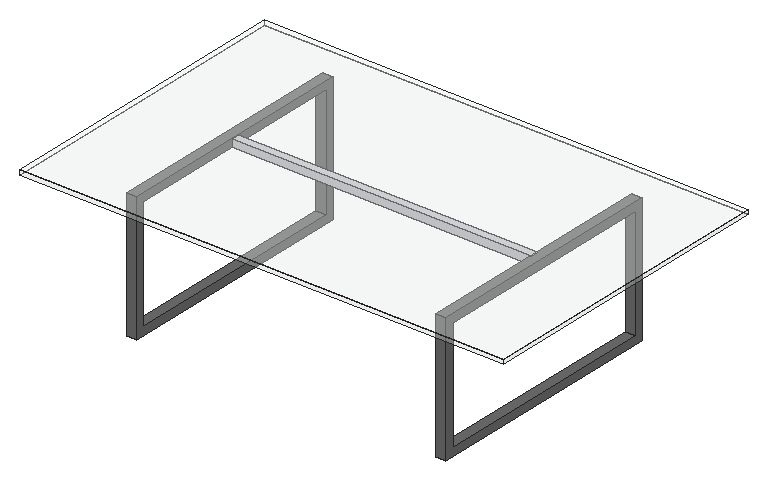
Revit family
Parameters (values of type "1200 x 760mm")
  Keynote = "N"
  Assembly Code = ""
  Material Base = Metal - Chrome
  Height = 330 mm
  Length = 1200 mm
  Material Top = Glass - Clear, Grey
  Width = 760 mm
Reference planes
  plane 1 "Front": y = -11.389
  plane 2: z = 0
  plane 3 "Left": x = 3.734
  plane 4 "Right": x = 1203.734
  plane 5: x = 603.734
  plane 6: y = 368.611
  plane 7: y = 748.611
  plane 8 "Top": z = 330
Forms (mm)
  Extrusion 1, solid, material "Glass - Clear, Grey" <- "Material Top"
    sketch origin (0, 0, 330) x (-1, 0, 0) y (0, -1, 0)
      loop
        line (-3.734, -748.611) -> (-3.734, 11.389) -> (-1203.734, 11.389) -> (-1203.734, -748.611) -> (-3.734, -748.611)
    from 0 to -12.7
  Extrusion 2, solid, material "Metal - Chrome" <- "Material Base"
    sketch origin (3.734, 0, 0) x (0, 1, 0) y (0, 0, 1)
      loop
        line (672.411, 317.3) -> (64.811, 317.3) -> (64.811, 0) -> (672.411, 0) -> (672.411, 317.3)
      loop
        line (653.361, 298.25) -> (83.861, 298.25) -> (83.861, 19.05) -> (653.361, 19.05) -> (653.361, 298.25)
    from 203.2 to 228.6
  Extrusion 3, solid, material "Metal - Chrome" <- "Material Base"
    sketch origin (1203.734, 0, 0) x (0, -1, 0) y (0, 0, 1)
      loop
        line (-672.411, 317.3) -> (-672.411, 0) -> (-64.811, 0) -> (-64.811, 317.3) -> (-672.411, 317.3)
      loop
        line (-653.361, 298.25) -> (-653.361, 19.05) -> (-83.861, 19.05) -> (-83.861, 298.25) -> (-653.361, 298.25)
    from 203.2 to 228.6
  Extrusion 4, solid
    sketch origin (0, 0, 330) x (-1, 0, 0) y (0, -1, 0)
      loop
        line (-232.334, -378.136) -> (-232.334, -359.086) -> (-975.134, -359.086) -> (-975.134, -378.136) -> (-232.334, -378.136)
    from -12.7 to -31.75
Lines and regions (mm)
  Masking region 1
    outline origin (0, 0, 330) x (-1, 0, 0) y (0, -1, 0)
      loop
        line (-3.734, -748.611) -> (-3.734, 11.389) -> (-1203.734, 11.389) -> (-1203.734, -748.611) -> (-3.734, -748.611)
  symbolic lines, style "Furniture"
    curve 1: line (3.734, 748.611, 0) -> (1203.734, 748.611, 0)
    curve 2: line (3.734, 748.611, 0) -> (3.734, -11.389, 0)
    curve 3: line (3.734, -11.389, 0) -> (1203.734, -11.389, 0)
    curve 4: line (1203.734, 748.611, 0) -> (1203.734, -11.389, 0)
Dimensions and locks
  equal spacing: plane 4 "Right", plane 5, plane 3 "Left"
  "Length": plane 4 "Right" to plane 3 "Left"
  "Width": plane 1 "Front" to plane 7
  equal spacing: plane 1 "Front", plane 6, plane 7
  "Height": plane 2 to plane 8 "Top"
  locked: Extrusion 2 sketch curve to Extrusion 2 sketch curve at 19.05
  aligned and locked: level to plane 2
Automatic sketch dimensions
  curve 3 to plane 1 "Front" = 0 mm
  curve 3 to plane 3 "Left" = 0 mm
  curve 3 to plane 4 "Right" = 0 mm
  curve 2 to plane 7 = 0 mm
  Extrusion 1 sketch curve to plane 4 "Right" = 0 mm
  Extrusion 1 sketch curve to plane 1 "Front" = 0 mm
  Extrusion 1 sketch curve to plane 3 "Left" = 0 mm
  Extrusion 1 sketch curve to plane 7 = 0 mm
  Extrusion 2 sketch curve to level = 0 mm
  plane 8 "Top" to Extrusion 2 sketch curve = 12.7 mm
  Extrusion 2 sketch curve to plane 1 "Front" = 76.2 mm
  Extrusion 2 sketch curve to Extrusion 2 sketch curve = 19.05 mm
  plane 8 "Top" to Extrusion 2 sketch curve = 31.75 mm
  plane 7 to Extrusion 2 sketch curve = 76.2 mm
  level to Extrusion 2 sketch curve = 19.05 mm
  Extrusion 3 sketch curve to level = 0 mm
  plane 8 "Top" to Extrusion 3 sketch curve = 12.7 mm
  plane 7 to Extrusion 3 sketch curve = 76.2 mm
  Extrusion 3 sketch curve to Extrusion 3 sketch curve = 19.05 mm  (x2)
  plane 8 "Top" to Extrusion 3 sketch curve = 31.75 mm
  Extrusion 3 sketch curve to plane 1 "Front" = 95.25 mm
  level to Extrusion 3 sketch curve = 19.05 mm
  Extrusion 4 sketch curve to plane 6 = 9.525 mm
  plane 4 "Right" to Extrusion 4 sketch curve = 228.6 mm
  plane 6 to Extrusion 4 sketch curve = 9.525 mm
  plane 3 "Left" to Extrusion 4 sketch curve = 228.6 mm
  Masking region 1 sketch curve to plane 4 "Right" = 0 mm
  Masking region 1 sketch curve to plane 1 "Front" = 0 mm
  Masking region 1 sketch curve to plane 3 "Left" = 0 mm
  Masking region 1 sketch curve to plane 7 = 0 mm
